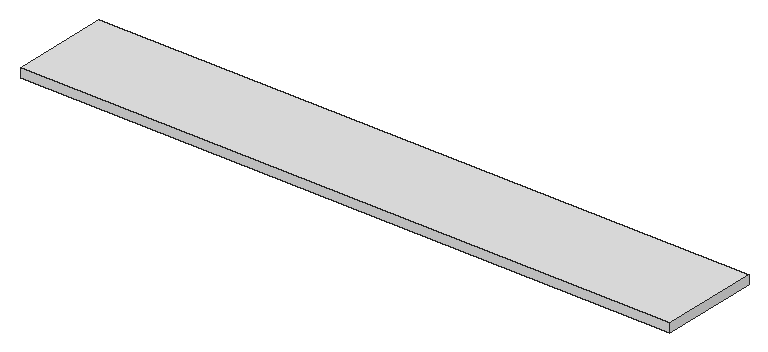
Revit family "Versatex_Generic Model_5-8” x 8” TRIMBOARD", category Generic Models, host Face, Revit 2022
Family settings
  Host = Face
  Can host rebar = No
  Round Connector Dimension = Use Diameter
  Part Type = Normal
  Cut with Voids When Loaded = No
  Maintain Annotation Orientation = No
  Shared = No
  Room Calculation Point = No
Parameters
  Model = "TBSM/TR580818"
  Length = 4' - 0"
  Warranty = "https://versatex.com/warranty/"
  URL = "https://versatex.com/"
  Specification = "https://www.arcat.com/company/versatex-45716/spec?coid=45716"
  Sales Information = "https://versatex.com/dealer-locator/"
  Message Manufacturer = "https://versatex.com/contact/"
  Material = Versatex PVC - Smooth
  Manufacturer Website = "https://versatex.com/"
  Manufacturer Phone = "724-857-1111"
  Manufacturer Fax = "724-857-1171"
  Manufacturer Address = "400 Steel Street, Aliquippa, PA 15001"
  Manufacturer = "Versatex"
  Literature = "https://versatex.com/literature/?_sft_literature_category=cads"
  Description = "NOMINAL 5/8” x 8” TRIMBOARD"
  Default Elevation = 4' - 0"
  Copyright = "© 2024 VERSATEX Building Products, LLC"
Reference planes (in)
  plane 1 "Center (Front/Back)": y = 0
  plane 2: z = 0
  plane 3 "Center (Left/Right)": x = 0
  plane 4: x = 24
  plane 5: x = -24
Forms (in)
  Sweep 1, solid, material "Versatex PVC - Smooth" <- "Material"
    path origin (0, 0, 0) x (1, 0, 0) y (0, 1, 0)
      loop
        line (-24, 0) -> (24, 0)
    profile "Versatex_Profile_5-8” x 8” TRIMBOARD : Versatex_Profile_5-8” x 8” TRIMBOARD" origin (0, 0, 0) x (0, 1, 0) y (0, 0, 1)
      loop
        line (0, 0) -> (7.25, 0) -> (7.25, 0.625) -> (0, 0.625) -> (0, 0)
Dimensions and locks (in)
  "Length": plane 5 to plane 4
  equal spacing: plane 5, plane 3 "Center (Left/Right)", plane 4, locked at 24 each
  aligned and locked: plane 2 to host face
  aligned and locked: level to host face
Automatic sketch dimensions
  host sketch curve to host sketch curve = 8' - 0"  (x2)
  plane 1 "Center (Front/Back)" to Sweep 1 sketch curve = 0' - 0"
  Sweep 1 sketch curve to plane 5 = 0' - 0"
  Sweep 1 sketch curve to plane 4 = 0' - 0"
